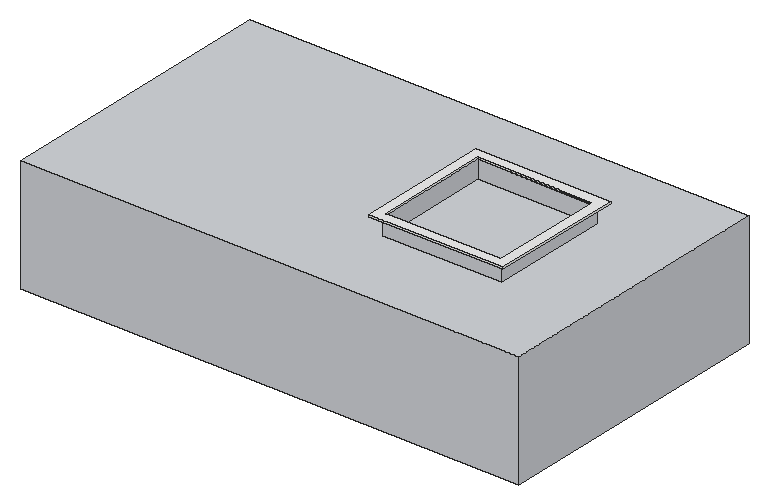
Revit family "Lighting-Recessed-Lucifer-Fraxion 3 Microflange Square", category Lighting Fixtures, host Face, Revit 2016
Family settings
  Host = Face
  Part Type = Normal
  Round Connector Dimension = Use Diameter
  Cut with Voids When Loaded = No
  Light Source = Yes
  Shared = No
  Room Calculation Point = No
Parameters (values of type "F3SMFT")
  Width = 7.50"
  Wattage = 9.2903 W
  built-in parameter 1150110 = 1 (stored number, unit not read)
  Voltage = 0 V
  URL = "https://www.luciferlighting.com/"
  built-in parameter 1114217 = 1 (stored number, unit not read)
  Tilt Angle = -90.00°
  built-in parameter 1150109 = 1 (stored number, unit not read)
  built-in parameter 1150134 = 3
  built-in parameter 1150113 = 1 (stored number, unit not read)
  Power Factor = 1
  Photometric Web File = "Load File"
  Number of Poles = 1
  built-in parameter 1150142 = (empty or 0)
  Model = "F3SMFT"
  Manufacturer = "Lucifer Lighting"
  built-in parameter 1150105 = 109.82 (stored number, unit not read)
  Lumens = 1380 lm
  built-in parameter 1150115 = 1 (stored number, unit not read)
  built-in parameter 1150137 = (empty or 0)
  built-in parameter 1150139 = (empty or 0)
  Length = 13.00"
  built-in parameter 1150112 = 1 (stored number, unit not read)
  built-in parameter 1150114 = 1 (stored number, unit not read)
  Lamp = "LED"
  built-in parameter 1150132 = (empty or 0)
  built-in parameter 1150102 = (empty or 0)
  built-in parameter 1150107 = 3200 (stored number, unit not read)
  built-in parameter 1150138 = (empty or 0)
  built-in parameter 1150106 = 1.0982 (stored number, unit not read)
  Emit from Rectangle Width = 3.00"
  Emit from Rectangle Length = 3.00"
  Emit Shape Visible in Rendering = no
  built-in parameter 1150104 = 13.8 (stored number, unit not read)
  Dimming Lamp Color Temperature Shift = <None>
  Description = "Recessed LED Downlight Remodel"
  Default Elevation = 48.00"
  Color Filter = 16777215
  built-in parameter 1114218 = 1 (stored number, unit not read)
  built-in parameter 1150133 = 10 (stored number, unit not read)
  Apparent Load = 0 VA
Types (4): name | Model
  (no name) | "F3SMFT"
  F3SMWW | "F3SMWW"
  F3SMFT | "F3SMFT"
  F3SMAT | "F3SMAT"
Reference planes (in)
  plane 1 "Center (Front/Back)": y = 0
  plane 2: z = 0
  plane 3 "Center (Left/Right)": x = 0
  plane 4: y = 1.4
  plane 5: y = -1.4
  plane 6: z = -3.45
  plane 7: x = 3.75
  plane 8: z = -0.46
Forms (in)
  Extrusion 1, solid
    sketch origin (-2.75, 0, 0) x (1, 0, 0) y (0, 1, 0)
      loop
        line (-6.5, 3.75) -> (-6.5, -3.75) -> (6.5, -3.75) -> (6.5, 3.75) -> (-6.5, 3.75)
    from -3.45 to -0.46
  Extrusion 2, void
    sketch origin (0, 0, 0) x (1, 0, 0) y (0, 1, 0)
      loop
        line (-1.5, 1.5) -> (-1.5, -1.50156) -> (1.50107, -1.50156) -> (1.50107, 1.5) -> (-1.5, 1.5)
    from -0.46 to 0
  Extrusion 3, solid
    sketch origin (0, 0, 0) x (1, 0, 0) y (0, 1, 0)
      loop
        line (-1.5, 1.5) -> (-1.5, -1.50156) -> (1.50107, -1.50156) -> (1.50107, 1.5) -> (-1.5, 1.5)
      loop
        line (-1.55, 1.55) -> (-1.55, -1.55156) -> (1.55107, -1.55156) -> (1.55107, 1.55) -> (-1.55, 1.55)
    from -0.46 to 0
  Extrusion 4, solid, material "Trim Finish"
    sketch origin (0, 0, 0) x (1, 0, 0) y (0, 1, 0)
      loop
        line (-1.5, 1.5) -> (-1.5, -1.50156) -> (1.50107, -1.50156) -> (1.50107, 1.5) -> (-1.5, 1.5)
      loop
        line (-1.75, 1.75) -> (-1.75, -1.75156) -> (1.75107, -1.75156) -> (1.75107, 1.75) -> (-1.75, 1.75)
    from 0 to 0.04684
Dimensions and locks (in)
  equal spacing: plane 4, plane 1 "Center (Front/Back)", plane 5
  plane 4 to plane 5 = 2.80"
  "Length": Extrusion 1 sketch curve to Extrusion 1 sketch curve
  equal spacing: Extrusion 1 sketch curve, plane 1 "Center (Front/Back)", Extrusion 1 sketch curve
  "Width": Extrusion 1 sketch curve to Extrusion 1 sketch curve
  plane 3 "Center (Left/Right)" to plane 7 = 3.75"
  host face to plane 8 = 0.46"
  Extrusion 1 to Extrusion 1 = 2.99"
  aligned and locked: plane 2 to host face
  aligned and locked: level to host face
  aligned and locked: Extrusion 3 to Extrusion 1
Automatic sketch dimensions
  host sketch curve to host sketch curve = 96.00"  (x2)
  plane 5 to Extrusion 3 sketch curve = 0.10156"
  Extrusion 3 sketch curve to plane 3 "Center (Left/Right)" = 1.50"
  plane 3 "Center (Left/Right)" to Extrusion 3 sketch curve = 1.50107"
  Extrusion 3 sketch curve to plane 4 = 0.10"
  Extrusion 3 sketch curve to Extrusion 3 sketch curve = 0.05"  (x4)
  plane 5 to Extrusion 2 sketch curve = 0.10156"
  plane 3 "Center (Left/Right)" to Extrusion 2 sketch curve = 1.50107"
  plane 5 to Extrusion 4 sketch curve = 0.10156"
  Extrusion 4 sketch curve to plane 3 "Center (Left/Right)" = 1.50"
  plane 3 "Center (Left/Right)" to Extrusion 4 sketch curve = 1.50107"
  Extrusion 4 sketch curve to plane 4 = 0.10"
  Extrusion 4 sketch curve to Extrusion 4 sketch curve = 0.25"  (x4)
  Extrusion 2 sketch curve to plane 4 = 0.10"
  Extrusion 2 sketch curve to plane 3 "Center (Left/Right)" = 1.50"
  Extrusion 1 sketch curve to plane 7 = 0.00"
Connectors (in)
  electrical at (-2.75, 0, -3.45), driven by "Number of Poles", driven by "Voltage", driven by "Apparent Load", driven by "Power Factor"
    settings: on Extrusion 1, index 1, voltage 0 V, apparent load 0 VA, apparent load phase1 0 VA, apparent load phase2 0 VA, apparent load phase3 0 VA, power factor 1, load classification "Other", number of poles 1, system type 31, power factor state 1, is connector primary yes, connector utility no, sub classification motor no, connector description ""
